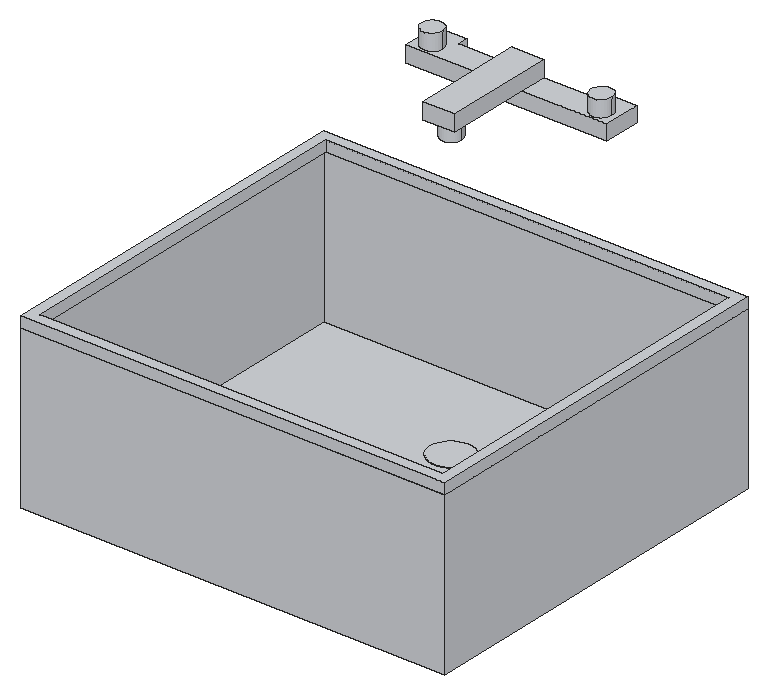
Revit family "M_Pia - Trabalho", category Peças hidrossanitárias, Revit 2019
Family settings
  Cota do conector redondo = Usar raio
  Tipo de parte = Normal
  Número OmniClass = 23.45.05.14.14
  Título OmniClass = Sinks/Lavatories
  ID de item do Seek = Sink - Work-0000-CAN-ENU
  Com base no plano de trabalho = Não
  Sempre na vertical = Sim
  Corte com vazios quando carregada = Não
  Compartilhado = Não
  Ponto de cálculo do ambiente = Não
Parameters (values of type "510 mmx455 mm")
  WFU = 2
  Largura da pia = 455 mm
  Material da pia = none
  Comprimento da pia = 510 mm
  Profundidade da pia = 203 mm
  Raio do sanitário = 20 mm
  Diâmetro do sanitário = 2 * Raio do sanitário  # 40 mm
  Raio da água quente = 7.5 mm
  Diâmetro da água quente = 2 * Raio da água quente  # 15 mm
  HWFU = 2.25
  Pressão do fluxo [instance] = 55158.0 Pa
  Material da torneira = none
  Altura da torneira = 346 mm
  Raio da água gelada = 7.5 mm
  Diâmetro da água gelada = 2 * Raio da água gelada  # 15 mm
  CWFU = 2.25
Reference planes
  plane 1 "Centro (Frente/Trás)": y = 0
  plane 2: z = 0
  plane 3 "Centro (Esquerda/Direita)": x = 0
  plane 4: x = -255
  plane 5: x = 255
  plane 6: y = -455
  plane 7: y = -3.175
  plane 8: x = -251.825
  plane 9: x = 251.825
  plane 10: y = -451.825
  plane 11: z = 3.175
  plane 12: z = 206.175
  plane 13: z = 193.475
  plane 14: y = -12.7
  plane 15: x = -242.3
  plane 16: x = 242.3
  plane 17: y = -442.3
  plane 18: y = -127
  plane 19: z = 346
  plane 20: z = 365.05
  plane 21: z = 384.1
  plane 22: y = -44.45
  plane 23: x = -120.65
  plane 24: x = 120.65
  plane 25: x = -82.55
  plane 26: x = 82.55
  plane 27: y = -28.575
  plane 28: x = -101.6
  plane 29: x = 101.6
  plane 30: y = -146.05
  plane 31: x = -19.05
  plane 32: x = 19.05
Forms (mm)
  Extrusion 1, solid, material <- "Material da pia"
    sketch origin (0, 0, 0) x (1, 0, 0) y (0, 1, 0)
      loop
        line (-255, 0) -> (-255, -455) -> (255, -455) -> (255, 0) -> (-255, 0)
      loop
        line (-251.825, -3.175) -> (-251.825, -451.825) -> (251.825, -451.825) -> (251.825, -3.175) -> (-251.825, -3.175)
    from 0 to 193.475
  Extrusion 2, solid, material <- "Material da pia"
    sketch origin (0, 0, 0) x (1, 0, 0) y (0, 1, 0)
      loop
        line (-251.825, -3.175) -> (-251.825, -451.825) -> (251.825, -451.825) -> (251.825, -3.175) -> (-251.825, -3.175)
    from 0 to 3.175
  Extrusion 3, solid, material <- "Material da pia"
    sketch origin (0, 0, 0) x (1, 0, 0) y (0, 1, 0)
      loop
        line (-255, 0) -> (-255, -455) -> (255, -455) -> (255, 0) -> (-255, 0)
      loop
        line (-242.3, -12.7) -> (-242.3, -442.3) -> (242.3, -442.3) -> (242.3, -12.7) -> (-242.3, -12.7)
    from 193.475 to 206.175
  Extrusion 4, solid, material <- "Material da pia"
    sketch origin (0, 0, 0) x (1, 0, 0) y (0, 1, 0)
      loop
        circle (0, -127) r 25.4
    from 0 to 3.175
  Extrusion 5, solid, material <- "Material da torneira", detail levels fine
    sketch origin (0, 0, 0) x (1, 0, 0) y (0, 1, 0)
      loop
        line (-120.65, 0) -> (-120.65, -44.45) -> (120.65, -44.45) -> (120.65, 0) -> (82.55, 0) -> (82.55, -12.7) -> (-82.55, -12.7) -> (-82.55, 0) -> (-120.65, 0)
    from 346 to 365.05
  Extrusion 6, solid, material <- "Material da torneira", detail levels fine
    sketch origin (0, 0, 0) x (1, 0, 0) y (0, 1, 0)
      loop
        circle (-101.6, -28.575) r 12.7
      loop
        circle (101.6, -28.575) r 12.7
    from 365.05 to 384.1
  Extrusion 7, solid, material <- "Material da torneira", detail levels fine
    sketch origin (0, 0, 0) x (1, 0, 0) y (0, 1, 0)
      loop
        line (-19.05, -12.7) -> (-19.05, -146.05) -> (19.05, -146.05) -> (19.05, -12.7) -> (-19.05, -12.7)
    from 365.05 to 384.1
  Extrusion 8, solid, material <- "Material da torneira", detail levels fine
    sketch origin (0, 0, 0) x (1, 0, 0) y (0, 1, 0)
      loop
        circle (0, -127) r 12.7
    from 346 to 365.05
Cuts and joins
  joined: Extrusion 1, Extrusion 2
  joined: Extrusion 5, Extrusion 6, Extrusion 7, Extrusion 8
Dimensions and locks
  equal spacing: plane 4, plane 3 "Centro (Esquerda/Direita)", plane 5
  "Comprimento da pia": plane 4 to plane 5
  "Largura da pia": plane 6 to plane 1 "Centro (Frente/Trás)"
  locked: plane 7 to plane 1 "Centro (Frente/Trás)" at 3.175
  locked: plane 9 to plane 5 at 3.175
  locked: plane 10 to plane 6 at 3.175
  locked: plane 4 to plane 8 at 3.175
  locked: plane 11 to plane 2 at 3.175
  "Profundidade da pia": plane 12 to plane 11
  locked: plane 12 to plane 13 at 12.7
  locked: plane 1 "Centro (Frente/Trás)" to plane 14 at 12.7
  locked: plane 16 to plane 5 at 12.7
  locked: plane 6 to plane 17 at 12.7
  locked: plane 4 to plane 15 at 12.7
  "Altura da torneira": plane 19 to plane 2
  plane 21 to plane 20 to plane 19 = 19.05 mm locked, 19.05 mm locked
  locked: plane 14 to plane 22 at 31.75
  plane 23 to plane 3 "Centro (Esquerda/Direita)" to plane 24 = 120.65 mm locked, 120.65 mm locked
  locked: plane 23 to plane 25 at 38.1
  locked: plane 26 to plane 24 at 38.1
  equal spacing: plane 14, plane 27, plane 22
  equal spacing: plane 23, plane 28, plane 25
  equal spacing: plane 26, plane 29, plane 24
  locked: plane 22 to plane 30 at 101.6
  plane 31 to plane 3 "Centro (Esquerda/Direita)" to plane 32 = 19.05 mm locked, 19.05 mm locked
  radius of Extrusion 4 sketch curve = 25.4 mm
  radius of Extrusion 6 sketch curve = 12.7 mm  (x2)
  radius of Extrusion 8 sketch curve = 12.7 mm
  aligned and locked: plane 4 to Extrusion 1 sketch curve
  aligned and locked: plane 1 "Centro (Frente/Trás)" to Extrusion 1 sketch curve
  aligned and locked: plane 6 to Extrusion 1 sketch curve
  aligned and locked: Extrusion 1 sketch curve to plane 5
  aligned and locked: plane 8 to Extrusion 1 sketch curve
  aligned and locked: plane 7 to Extrusion 1 sketch curve
  aligned and locked: plane 10 to Extrusion 1 sketch curve
  aligned and locked: plane 9 to Extrusion 1 sketch curve
  aligned and locked: Extrusion 1 to plane 2
  aligned and locked: plane 13 to Extrusion 1
  aligned and locked: Extrusion 1 to Extrusion 2 sketch curve
  aligned and locked: Extrusion 2 sketch curve to Extrusion 1  (x3)
  aligned and locked: plane 2 to Extrusion 2
  aligned and locked: plane 11 to Extrusion 2
  aligned and locked: Extrusion 3 sketch curve to Extrusion 1  (x3)
  aligned and locked: Extrusion 1 to Extrusion 3 sketch curve
  aligned and locked: plane 15 to Extrusion 3 sketch curve
  aligned and locked: Extrusion 3 sketch curve to plane 14
  aligned and locked: plane 17 to Extrusion 3 sketch curve
  aligned and locked: Extrusion 3 sketch curve to plane 16
  aligned and locked: Extrusion 3 to plane 13
  aligned and locked: plane 12 to Extrusion 3
  aligned and locked: plane 18 to Extrusion 4 sketch curve
  aligned and locked: plane 3 "Centro (Esquerda/Direita)" to Extrusion 4 sketch curve
  aligned and locked: Extrusion 4 to plane 2
  aligned and locked: plane 11 to Extrusion 4
  aligned and locked: plane 23 to Extrusion 5 sketch curve
  aligned and locked: plane 1 "Centro (Frente/Trás)" to Extrusion 5 sketch curve  (x2)
  aligned and locked: plane 25 to Extrusion 5 sketch curve
  aligned and locked: plane 26 to Extrusion 5 sketch curve
  aligned and locked: plane 22 to Extrusion 5 sketch curve
  aligned and locked: Extrusion 5 sketch curve to plane 24
  aligned and locked: Extrusion 5 sketch curve to plane 14
  aligned and locked: plane 20 to Extrusion 5
  aligned and locked: Extrusion 5 to plane 19
  aligned and locked: plane 27 to Extrusion 6 sketch curve  (x2)
  aligned and locked: plane 28 to Extrusion 6 sketch curve
  aligned and locked: plane 29 to Extrusion 6 sketch curve
  aligned and locked: plane 21 to Extrusion 6
  aligned and locked: Extrusion 6 to plane 20
  aligned and locked: plane 31 to Extrusion 7 sketch curve
  aligned and locked: Extrusion 7 sketch curve to plane 14
  aligned and locked: plane 30 to Extrusion 7 sketch curve
  aligned and locked: Extrusion 7 sketch curve to plane 32
  aligned and locked: plane 21 to Extrusion 7
  aligned and locked: Extrusion 7 to plane 20
  aligned and locked: plane 18 to Extrusion 8 sketch curve
  aligned and locked: plane 3 "Centro (Esquerda/Direita)" to Extrusion 8 sketch curve
  aligned and locked: plane 20 to Extrusion 8
  aligned and locked: Extrusion 8 to plane 19
Connectors
  piping at (101.6, 0, 355.525), diameter 15, driven by "Raio da água gelada", driven by "Pressão do fluxo", driven by "CWFU"
    settings: on cut or joined group of Extrusion 5, Extrusion 6, Extrusion 7, Extrusion 8, index 1, connector inside diameter 15 mm, connector length 0 mm, flow factor 0, pipe flow 0.0 L/s, pressure drop 55158.0 Pa, fitting loss kfactor 0, connector angle 0.00°, fixture units 2.25, engagement length 0 mm, angle of deflection 0.00°, flow configuration 3, flow direction 1, fitting loss method 4, system type 20, joint type 0, gender type 0, connector reference index -1, connector utility 0, adjustable connector no, is connector primary yes, connector description "In"
  piping at (-101.6, 0, 355.525), diameter 15, driven by "Raio da água quente", driven by "Pressão do fluxo", driven by "HWFU"
    settings: on cut or joined group of Extrusion 5, Extrusion 6, Extrusion 7, Extrusion 8, index 2, connector inside diameter 15 mm, connector length 0 mm, flow factor 0, pipe flow 0.0 L/s, pressure drop 55158.0 Pa, fitting loss kfactor 0, connector angle 0.00°, fixture units 2.25, engagement length 0 mm, angle of deflection 0.00°, flow configuration 3, flow direction 1, fitting loss method 4, system type 19, joint type 0, gender type 0, connector reference index -1, connector utility 0, adjustable connector no, is connector primary no, connector description "In"
  piping at (0, -127, 0), diameter 40, driven by "WFU", driven by "Raio do sanitário"
    settings: on Extrusion 4, index 3, connector inside diameter 40 mm, connector length 0 mm, flow factor 0, pipe flow 0.0 L/s, pressure drop 0.0 Pa, fitting loss kfactor 0, connector angle 0.00°, fixture units 2, engagement length 0 mm, angle of deflection 0.00°, flow configuration 3, flow direction 2, fitting loss method 0, system type 16, joint type 0, gender type 0, connector reference index -1, connector utility 0, adjustable connector no, is connector primary no, connector description "Saída"
